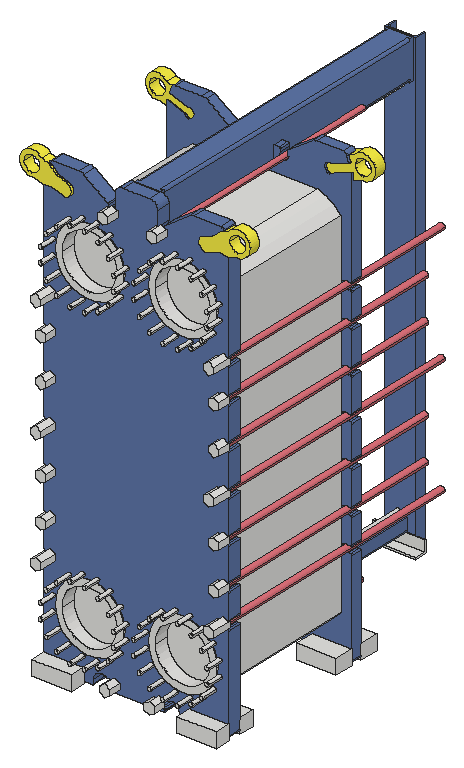
Revit family "HVAC_Heat-Exchanger_Alfa-Laval_Alfa-Laval-T45-FG_ASME_", category Specialty Equipment, Revit 2018
Family settings
  Round Connector Dimension = Use Diameter
  Part Type = Normal
  OmniClass Number = 23.27.23.13
  OmniClass Title = Plate and Frame Heat Exchangers
  Work Plane-Based = Yes
  Always vertical = Yes
  Cut with Voids When Loaded = No
  Shared = No
  Room Calculation Point = No
Parameters (values of type "LC2400")
  zSecond_Heat_Bars = 2110 mm
  zLower_Heat_Bars = 1950 mm
  zInner_Length = 1189 mm
  zFirst_Heat_Bars = 1950 mm
  Width = 1430 mm
  URL = "https://www.alfalaval.com/"
  Product url = "https://www.alfalaval.com/products/heat-transfer/plate-heat-exchangers/gasketed-plate-and-frame-heat-exchangers/industrial-line/"
  Product data url = "https://bimobject.com/alfa-laval/product/t45"
  Product Guid = "d5a667d4-b60e-48d4-90b5-e5fc8b5fa2d6"
  Overall Width = 1782 mm  # constant formula
  Overall Height = 3572 mm  # constant formula
  Model = "T45-FG"  # constant formula
  Max. design temperature (°C/°F) = "250/482"  # constant formula
  Max. design pressure (barg/psig) = "10.3/150"  # constant formula
  Manufacturer = "Alfa Laval"  # constant formula
  Height = 3540 mm
  Heat Transfer Plates Material = "316/316L, 254 Ti"  # constant formula
  Frame and Pressure Plate Material = "Carbon steel, epoxy painted"  # constant formula
  Flow = 0.0 L/s
  Flange Connections Material = "Carbon steel Metal lined: stainless steel Alloy 316, Alloy 254, titanium"  # constant formula
  Field Gaskets Material = "NBR, EPDM"  # constant formula
  Diameter = 450 mm  # constant formula
  Description = "Alfa Laval Industrial line is a wide product range that is used in virtually all types of industry. Designed for high throughput, this model delivers excellent thermal performance. A large selection of plate and gasket types is available."  # constant formula
  Depth = 2779 mm
  Default Elevation = 1219.2 mm
  Connector Description = "ASME B16.5 Class150 NPS 18"  # constant formula
  Center Width (Branch Pipes) = 720 mm  # constant formula
  Center Height (Branch Pipes) = 2468 mm  # constant formula
Reference planes
  plane 1 "Center (Front/Back)": y = 0
  plane 2: z = 0
  plane 3 "Center (Left/Right)": x = 0
  plane 4 "Back Panel": y = 1189
  plane 5: z = 20
  plane 6 "Top": z = 3540
  plane 7 "Main body": y = 105
  plane 8: y = 1269
  plane 9: y = 1950
  plane 10: y = 2110
  plane 11 "Back": y = 2639
  plane 12: y = -140
  plane 13: y = 2549
  plane 14: z = 3240
  plane 15: z = 3572
  plane 16: x = -360
  plane 17: x = 360
  plane 18: x = -891
  plane 19: x = 891
  plane 20: z = 2943.5
  plane 21: z = 475.5
  plane 22: y = 1950
Forms (mm)
  Extrusion 1, solid, material "Alfa Laval - Metal - Blue", detail levels fine
    sketch origin (0, 0, 0) x (1, 0, 0) y (0, 0, 1)
      loop
        arc (-715, 30) -> (-712.071, 22.929) -> (-705, 20) r 10
        line (-705, 20) -> (-577, 20)
        arc (-577, 20) -> (-569.929, 22.929) -> (-567, 30) r 10
        line (-567, 30) -> (-567, 46.875)
        arc (-567, 46.875) -> (-589.837, 79.55) -> (-552, 67) r 21
        line (-552, 67) -> (-552, 30)
        arc (-552, 30) -> (-549.071, 22.929) -> (-542, 20) r 10
        line (-542, 20) -> (-460, 20)
        arc (-460, 20) -> (-452.929, 22.929) -> (-450, 30) r 10
        line (-450, 30) -> (-450, 46.875)
        arc (-450, 46.875) -> (-472.837, 79.55) -> (-435, 67) r 21
        line (-435, 67) -> (-435, 30)
        arc (-435, 30) -> (-432.071, 22.929) -> (-425, 20) r 10
        line (-425, 20) -> (-339.5, 20)
        arc (-339.5, 20) -> (-332.429, 22.929) -> (-329.5, 30) r 10
        line (-329.5, 30) -> (-329.5, 62.5)
        arc (-329.5, 62.5) -> (-295.005, 115.198) -> (-232.908, 104.667) r 57.5
        arc (-232.908, 104.667) -> (-229.76, 102.691) -> (-226.109, 102) r 10
        line (-226.109, 102) -> (-191.831, 102)
        arc (-191.831, 102) -> (-138.5, 75) -> (-191.831, 48) r 33.5
        line (-191.831, 48) -> (-207, 48)
        arc (-207, 48) -> (-214.071, 45.071) -> (-217, 38) r 10
        line (-217, 38) -> (-217, 30)
        arc (-217, 30) -> (-214.071, 22.929) -> (-207, 20) r 10
        line (-207, 20) -> (207, 20)
        arc (207, 20) -> (214.071, 22.929) -> (217, 30) r 10
        line (217, 30) -> (217, 38)
        arc (217, 38) -> (214.071, 45.071) -> (207, 48) r 10
        line (207, 48) -> (191.831, 48)
        arc (191.831, 48) -> (138.5, 75) -> (191.831, 102) r 33.5
        line (191.831, 102) -> (226.109, 102)
        arc (226.109, 102) -> (229.76, 102.691) -> (232.908, 104.667) r 10
        arc (232.908, 104.667) -> (295.005, 115.198) -> (329.5, 62.5) r 57.5
        line (329.5, 62.5) -> (329.5, 30)
        arc (329.5, 30) -> (332.429, 22.929) -> (339.5, 20) r 10
        line (339.5, 20) -> (425, 20)
        arc (425, 20) -> (432.071, 22.929) -> (435, 30) r 10
        line (435, 30) -> (435, 67)
        arc (435, 67) -> (472.837, 79.55) -> (450, 46.875) r 21
        line (450, 46.875) -> (450, 30)
        arc (450, 30) -> (452.929, 22.929) -> (460, 20) r 10
        line (460, 20) -> (542, 20)
        arc (542, 20) -> (549.071, 22.929) -> (552, 30) r 10
        line (552, 30) -> (552, 67)
        arc (552, 67) -> (589.837, 79.55) -> (567, 46.875) r 21
        line (567, 46.875) -> (567, 30)
        arc (567, 30) -> (569.929, 22.929) -> (577, 20) r 10
        line (577, 20) -> (705, 20)
        arc (705, 20) -> (712.071, 22.929) -> (715, 30) r 10
        line (715, 30) -> (715, 759.5)
        arc (715, 759.5) -> (712.071, 766.571) -> (705, 769.5) r 10
        line (705, 769.5) -> (689.831, 769.5)
        arc (689.831, 769.5) -> (636.5, 796.5) -> (689.831, 823.5) r 33.5
        line (689.831, 823.5) -> (705, 823.5)
        arc (705, 823.5) -> (712.071, 826.429) -> (715, 833.5) r 10
        line (715, 833.5) -> (715, 1024.5)
        arc (715, 1024.5) -> (712.071, 1031.571) -> (705, 1034.5) r 10
        line (705, 1034.5) -> (689.831, 1034.5)
        arc (689.831, 1034.5) -> (636.5, 1061.5) -> (689.831, 1088.5) r 33.5
        line (689.831, 1088.5) -> (705, 1088.5)
        arc (705, 1088.5) -> (712.071, 1091.429) -> (715, 1098.5) r 10
        line (715, 1098.5) -> (715, 1348.5)
        arc (715, 1348.5) -> (712.071, 1355.571) -> (705, 1358.5) r 10
        line (705, 1358.5) -> (689.831, 1358.5)
        arc (689.831, 1358.5) -> (636.5, 1385.5) -> (689.831, 1412.5) r 33.5
        line (689.831, 1412.5) -> (705, 1412.5)
        arc (705, 1412.5) -> (712.071, 1415.429) -> (715, 1422.5) r 10
        line (715, 1422.5) -> (715, 1672.5)
        arc (715, 1672.5) -> (712.071, 1679.571) -> (705, 1682.5) r 10
        line (705, 1682.5) -> (689.831, 1682.5)
        arc (689.831, 1682.5) -> (636.5, 1709.5) -> (689.831, 1736.5) r 33.5
        line (689.831, 1736.5) -> (705, 1736.5)
        arc (705, 1736.5) -> (712.071, 1739.429) -> (715, 1746.5) r 10
        line (715, 1746.5) -> (715, 1996.5)
        arc (715, 1996.5) -> (712.071, 2003.571) -> (705, 2006.5) r 10
        line (705, 2006.5) -> (689.831, 2006.5)
        arc (689.831, 2006.5) -> (636.5, 2033.5) -> (689.831, 2060.5) r 33.5
        line (689.831, 2060.5) -> (705, 2060.5)
        arc (705, 2060.5) -> (712.071, 2063.429) -> (715, 2070.5) r 10
        line (715, 2070.5) -> (715, 2320.5)
        arc (715, 2320.5) -> (712.071, 2327.571) -> (705, 2330.5) r 10
        line (705, 2330.5) -> (689.831, 2330.5)
        arc (689.831, 2330.5) -> (636.5, 2357.5) -> (689.831, 2384.5) r 33.5
        line (689.831, 2384.5) -> (705, 2384.5)
        arc (705, 2384.5) -> (712.071, 2387.429) -> (715, 2394.5) r 10
        line (715, 2394.5) -> (715, 2585.5)
        arc (715, 2585.5) -> (712.071, 2592.571) -> (705, 2595.5) r 10
        line (705, 2595.5) -> (689.831, 2595.5)
        arc (689.831, 2595.5) -> (636.5, 2622.5) -> (689.831, 2649.5) r 33.5
        line (689.831, 2649.5) -> (705, 2649.5)
        arc (705, 2649.5) -> (712.071, 2652.429) -> (715, 2659.5) r 10
        line (715, 2659.5) -> (715, 3412.69)
        arc (715, 3412.69) -> (714.147, 3414.328) -> (712.316, 3414.569) r 2
        line (712.316, 3414.569) -> (578.803, 3365.974)
        arc (578.803, 3365.974) -> (508.13, 3373.305) -> (557.557, 3424.348) r 39.5
        line (557.557, 3424.348) -> (691.848, 3473.226)
        arc (691.848, 3473.226) -> (692.977, 3474.26) -> (693.044, 3475.789) r 2
        line (693.044, 3475.789) -> (676.858, 3520.261)
        arc (676.858, 3520.261) -> (665.874, 3534.575) -> (648.667, 3540) r 30
        line (648.667, 3540) -> (444.428, 3540)
        arc (444.428, 3540) -> (426.386, 3537.223) -> (410.013, 3529.149) r 60
        line (410.013, 3529.149) -> (221.264, 3396.985)
        arc (221.264, 3396.985) -> (218.13, 3393.411) -> (217, 3388.794) r 10
        line (217, 3388.794) -> (217, 3363.831)
        arc (217, 3363.831) -> (190, 3310.5) -> (163, 3363.831) r 33.5
        line (163, 3363.831) -> (163, 3480)
        arc (163, 3480) -> (145.426, 3522.426) -> (103, 3540) r 60
        line (103, 3540) -> (-103, 3540)
        arc (-103, 3540) -> (-145.426, 3522.426) -> (-163, 3480) r 60
        line (-163, 3480) -> (-163, 3363.831)
        arc (-163, 3363.831) -> (-190, 3310.5) -> (-217, 3363.831) r 33.5
        line (-217, 3363.831) -> (-217, 3388.794)
        arc (-217, 3388.794) -> (-218.13, 3393.411) -> (-221.264, 3396.985) r 10
        line (-221.264, 3396.985) -> (-410.013, 3529.149)
        arc (-410.013, 3529.149) -> (-426.386, 3537.223) -> (-444.428, 3540) r 60
        line (-444.428, 3540) -> (-648.667, 3540)
        arc (-648.667, 3540) -> (-665.874, 3534.575) -> (-676.858, 3520.261) r 30
        line (-676.858, 3520.261) -> (-693.044, 3475.789)
        arc (-693.044, 3475.789) -> (-692.977, 3474.26) -> (-691.848, 3473.226) r 2
        line (-691.848, 3473.226) -> (-557.557, 3424.348)
        arc (-557.557, 3424.348) -> (-508.13, 3373.305) -> (-578.803, 3365.974) r 39.5
        line (-578.803, 3365.974) -> (-712.316, 3414.569)
        arc (-712.316, 3414.569) -> (-714.147, 3414.328) -> (-715, 3412.69) r 2
        line (-715, 3412.69) -> (-715, 2659.5)
        arc (-715, 2659.5) -> (-712.071, 2652.429) -> (-705, 2649.5) r 10
        line (-705, 2649.5) -> (-689.831, 2649.5)
        arc (-689.831, 2649.5) -> (-636.5, 2622.5) -> (-689.831, 2595.5) r 33.5
        line (-689.831, 2595.5) -> (-705, 2595.5)
        arc (-705, 2595.5) -> (-712.071, 2592.571) -> (-715, 2585.5) r 10
        line (-715, 2585.5) -> (-715, 2394.5)
        arc (-715, 2394.5) -> (-712.071, 2387.429) -> (-705, 2384.5) r 10
        line (-705, 2384.5) -> (-689.831, 2384.5)
        arc (-689.831, 2384.5) -> (-636.5, 2357.5) -> (-689.831, 2330.5) r 33.5
        line (-689.831, 2330.5) -> (-705, 2330.5)
        arc (-705, 2330.5) -> (-712.071, 2327.571) -> (-715, 2320.5) r 10
        line (-715, 2320.5) -> (-715, 2070.5)
        arc (-715, 2070.5) -> (-712.071, 2063.429) -> (-705, 2060.5) r 10
        line (-705, 2060.5) -> (-689.831, 2060.5)
        arc (-689.831, 2060.5) -> (-636.5, 2033.5) -> (-689.831, 2006.5) r 33.5
        line (-689.831, 2006.5) -> (-705, 2006.5)
        arc (-705, 2006.5) -> (-712.071, 2003.571) -> (-715, 1996.5) r 10
        line (-715, 1996.5) -> (-715, 1746.5)
        arc (-715, 1746.5) -> (-712.071, 1739.429) -> (-705, 1736.5) r 10
        line (-705, 1736.5) -> (-689.831, 1736.5)
        arc (-689.831, 1736.5) -> (-636.5, 1709.5) -> (-689.831, 1682.5) r 33.5
        line (-689.831, 1682.5) -> (-705, 1682.5)
        arc (-705, 1682.5) -> (-712.071, 1679.571) -> (-715, 1672.5) r 10
        line (-715, 1672.5) -> (-715, 1422.5)
        arc (-715, 1422.5) -> (-712.071, 1415.429) -> (-705, 1412.5) r 10
        line (-705, 1412.5) -> (-689.831, 1412.5)
        arc (-689.831, 1412.5) -> (-636.5, 1385.5) -> (-689.831, 1358.5) r 33.5
        line (-689.831, 1358.5) -> (-705, 1358.5)
        arc (-705, 1358.5) -> (-712.071, 1355.571) -> (-715, 1348.5) r 10
        line (-715, 1348.5) -> (-715, 1098.5)
        arc (-715, 1098.5) -> (-712.071, 1091.429) -> (-705, 1088.5) r 10
        line (-705, 1088.5) -> (-689.831, 1088.5)
        arc (-689.831, 1088.5) -> (-636.5, 1061.5) -> (-689.831, 1034.5) r 33.5
        line (-689.831, 1034.5) -> (-705, 1034.5)
        arc (-705, 1034.5) -> (-712.071, 1031.571) -> (-715, 1024.5) r 10
        line (-715, 1024.5) -> (-715, 833.5)
        arc (-715, 833.5) -> (-712.071, 826.429) -> (-705, 823.5) r 10
        line (-705, 823.5) -> (-689.831, 823.5)
        arc (-689.831, 823.5) -> (-636.5, 796.5) -> (-689.831, 769.5) r 33.5
        line (-689.831, 769.5) -> (-705, 769.5)
        arc (-705, 769.5) -> (-712.071, 766.571) -> (-715, 759.5) r 10
        line (-715, 759.5) -> (-715, 30)
      loop
        circle (-360, 475.5) r 215
      loop
        circle (-360, 2943.5) r 215
      loop
        circle (360, 475.5) r 215
      loop
        circle (360, 2943.5) r 215
    from -105 to 0
  Extrusion 2, solid, material "Alfa Laval - Metal - Blue", detail levels fine
    sketch origin (0, 1189, 0) x (-1, 0, 0) y (0, 0, 1)
      loop
        line (715, 2659.5) -> (715, 3412.69)
        arc (715, 3412.69) -> (714.147, 3414.328) -> (712.316, 3414.569) r 2
        line (712.316, 3414.569) -> (578.803, 3365.974)
        arc (578.803, 3365.974) -> (508.13, 3373.305) -> (557.557, 3424.348) r 39.5
        line (557.557, 3424.348) -> (691.848, 3473.226)
        arc (691.848, 3473.226) -> (692.977, 3474.26) -> (693.044, 3475.789) r 2
        line (693.044, 3475.789) -> (676.858, 3520.261)
        arc (676.858, 3520.261) -> (665.874, 3534.575) -> (648.667, 3540) r 30
        line (648.667, 3540) -> (444.428, 3540)
        arc (444.428, 3540) -> (426.386, 3537.223) -> (410.013, 3529.149) r 60
        line (410.013, 3529.149) -> (221.264, 3396.985)
        arc (221.264, 3396.985) -> (218.13, 3393.411) -> (217, 3388.794) r 10
        line (217, 3388.794) -> (217, 3363.831)
        arc (217, 3363.831) -> (190, 3310.5) -> (163, 3363.831) r 33.5
        line (163, 3363.831) -> (163, 3384)
        arc (163, 3384) -> (160.071, 3391.071) -> (153, 3394) r 10
        line (153, 3394) -> (117.5, 3394)
        arc (117.5, 3394) -> (110.429, 3391.071) -> (107.5, 3384) r 10
        line (107.5, 3384) -> (107.5, 3242.5)
        arc (107.5, 3242.5) -> (104.571, 3235.429) -> (97.5, 3232.5) r 10
        line (97.5, 3232.5) -> (52.5, 3232.5)
        arc (52.5, 3232.5) -> (50.379, 3231.621) -> (49.5, 3229.5) r 3
        line (49.5, 3229.5) -> (49.5, 3214.5) -> (61.482, 3214.5) -> (61.482, 3196.549) -> (62.46, 3181.857)
        arc (62.46, 3181.857) -> (61.015, 3175.978) -> (56.443, 3172.01) r 10
        line (56.443, 3172.01) -> (36.377, 3163.006)
        arc (36.377, 3163.006) -> (28.374, 3160.386) -> (20, 3159.5) r 40
        line (20, 3159.5) -> (-20, 3159.5)
        arc (-20, 3159.5) -> (-28.374, 3160.386) -> (-36.377, 3163.006) r 40
        line (-36.377, 3163.006) -> (-56.443, 3172.01)
        arc (-56.443, 3172.01) -> (-61.015, 3175.978) -> (-62.46, 3181.857) r 10
        line (-62.46, 3181.857) -> (-61.482, 3196.549) -> (-61.482, 3214.5) -> (-49.5, 3214.5) -> (-49.5, 3229.5)
        arc (-49.5, 3229.5) -> (-50.379, 3231.621) -> (-52.5, 3232.5) r 3
        line (-52.5, 3232.5) -> (-97.5, 3232.5)
        arc (-97.5, 3232.5) -> (-104.571, 3235.429) -> (-107.5, 3242.5) r 10
        line (-107.5, 3242.5) -> (-107.5, 3384)
        arc (-107.5, 3384) -> (-110.429, 3391.071) -> (-117.5, 3394) r 10
        line (-117.5, 3394) -> (-153, 3394)
        arc (-153, 3394) -> (-160.071, 3391.071) -> (-163, 3384) r 10
        line (-163, 3384) -> (-163, 3363.831)
        arc (-163, 3363.831) -> (-190, 3310.5) -> (-217, 3363.831) r 33.5
        line (-217, 3363.831) -> (-217, 3388.794)
        arc (-217, 3388.794) -> (-218.13, 3393.411) -> (-221.264, 3396.985) r 10
        line (-221.264, 3396.985) -> (-410.013, 3529.149)
        arc (-410.013, 3529.149) -> (-426.386, 3537.223) -> (-444.428, 3540) r 60
        line (-444.428, 3540) -> (-648.667, 3540)
        arc (-648.667, 3540) -> (-665.874, 3534.575) -> (-676.858, 3520.261) r 30
        line (-676.858, 3520.261) -> (-693.044, 3475.789)
        arc (-693.044, 3475.789) -> (-692.977, 3474.26) -> (-691.848, 3473.226) r 2
        line (-691.848, 3473.226) -> (-557.557, 3424.348)
        arc (-557.557, 3424.348) -> (-508.13, 3373.305) -> (-578.803, 3365.974) r 39.5
        line (-578.803, 3365.974) -> (-712.316, 3414.569)
        arc (-712.316, 3414.569) -> (-714.147, 3414.328) -> (-715, 3412.69) r 2
        line (-715, 3412.69) -> (-715, 2659.5)
        arc (-715, 2659.5) -> (-712.071, 2652.429) -> (-705, 2649.5) r 10
        line (-705, 2649.5) -> (-689.831, 2649.5)
        arc (-689.831, 2649.5) -> (-636.5, 2622.5) -> (-689.831, 2595.5) r 33.5
        line (-689.831, 2595.5) -> (-705, 2595.5)
        arc (-705, 2595.5) -> (-712.071, 2592.571) -> (-715, 2585.5) r 10
        line (-715, 2585.5) -> (-715, 2394.5)
        arc (-715, 2394.5) -> (-712.071, 2387.429) -> (-705, 2384.5) r 10
        line (-705, 2384.5) -> (-689.831, 2384.5)
        arc (-689.831, 2384.5) -> (-636.5, 2357.5) -> (-689.831, 2330.5) r 33.5
        line (-689.831, 2330.5) -> (-705, 2330.5)
        arc (-705, 2330.5) -> (-712.071, 2327.571) -> (-715, 2320.5) r 10
        line (-715, 2320.5) -> (-715, 2070.5)
        arc (-715, 2070.5) -> (-712.071, 2063.429) -> (-705, 2060.5) r 10
        line (-705, 2060.5) -> (-689.831, 2060.5)
        arc (-689.831, 2060.5) -> (-636.5, 2033.5) -> (-689.831, 2006.5) r 33.5
        line (-689.831, 2006.5) -> (-705, 2006.5)
        arc (-705, 2006.5) -> (-712.071, 2003.571) -> (-715, 1996.5) r 10
        line (-715, 1996.5) -> (-715, 1746.5)
        arc (-715, 1746.5) -> (-712.071, 1739.429) -> (-705, 1736.5) r 10
        line (-705, 1736.5) -> (-689.831, 1736.5)
        arc (-689.831, 1736.5) -> (-636.5, 1709.5) -> (-689.831, 1682.5) r 33.5
        line (-689.831, 1682.5) -> (-705, 1682.5)
        arc (-705, 1682.5) -> (-712.071, 1679.571) -> (-715, 1672.5) r 10
        line (-715, 1672.5) -> (-715, 1422.5)
        arc (-715, 1422.5) -> (-712.071, 1415.429) -> (-705, 1412.5) r 10
        line (-705, 1412.5) -> (-689.831, 1412.5)
        arc (-689.831, 1412.5) -> (-636.5, 1385.5) -> (-689.831, 1358.5) r 33.5
        line (-689.831, 1358.5) -> (-705, 1358.5)
        arc (-705, 1358.5) -> (-712.071, 1355.571) -> (-715, 1348.5) r 10
        line (-715, 1348.5) -> (-715, 1098.5)
        arc (-715, 1098.5) -> (-712.071, 1091.429) -> (-705, 1088.5) r 10
        line (-705, 1088.5) -> (-689.831, 1088.5)
        arc (-689.831, 1088.5) -> (-636.5, 1061.5) -> (-689.831, 1034.5) r 33.5
        line (-689.831, 1034.5) -> (-705, 1034.5)
        arc (-705, 1034.5) -> (-712.071, 1031.571) -> (-715, 1024.5) r 10
        line (-715, 1024.5) -> (-715, 833.5)
        arc (-715, 833.5) -> (-712.071, 826.429) -> (-705, 823.5) r 10
        line (-705, 823.5) -> (-689.831, 823.5)
        arc (-689.831, 823.5) -> (-636.5, 796.5) -> (-689.831, 769.5) r 33.5
        line (-689.831, 769.5) -> (-705, 769.5)
        arc (-705, 769.5) -> (-712.071, 766.571) -> (-715, 759.5) r 10
        line (-715, 759.5) -> (-715, 30)
        arc (-715, 30) -> (-712.071, 22.929) -> (-705, 20) r 10
        line (-705, 20) -> (-577, 20)
        arc (-577, 20) -> (-569.929, 22.929) -> (-567, 30) r 10
        line (-567, 30) -> (-567, 46.875)
        arc (-567, 46.875) -> (-589.837, 79.55) -> (-552, 67) r 21
        line (-552, 67) -> (-552, 30)
        arc (-552, 30) -> (-549.071, 22.929) -> (-542, 20) r 10
        line (-542, 20) -> (-460, 20)
        arc (-460, 20) -> (-452.929, 22.929) -> (-450, 30) r 10
        line (-450, 30) -> (-450, 46.875)
        arc (-450, 46.875) -> (-472.837, 79.55) -> (-435, 67) r 21
        line (-435, 67) -> (-435, 30)
        arc (-435, 30) -> (-432.071, 22.929) -> (-425, 20) r 10
        line (-425, 20) -> (-339.5, 20)
        arc (-339.5, 20) -> (-332.429, 22.929) -> (-329.5, 30) r 10
        line (-329.5, 30) -> (-329.5, 62.5)
        arc (-329.5, 62.5) -> (-295.005, 115.198) -> (-232.908, 104.667) r 57.5
        arc (-232.908, 104.667) -> (-229.76, 102.691) -> (-226.109, 102) r 10
        line (-226.109, 102) -> (-191.831, 102)
        arc (-191.831, 102) -> (-138.5, 75) -> (-191.831, 48) r 33.5
        line (-191.831, 48) -> (-207, 48)
        arc (-207, 48) -> (-214.071, 45.071) -> (-217, 38) r 10
        line (-217, 38) -> (-217, 30)
        arc (-217, 30) -> (-214.071, 22.929) -> (-207, 20) r 10
        line (-207, 20) -> (-122.5, 20)
        arc (-122.5, 20) -> (-80.074, 37.574) -> (-62.5, 80) r 60
        line (-62.5, 80) -> (-62.5, 198)
        arc (-62.5, 198) -> (-59.571, 205.071) -> (-52.5, 208) r 10
        line (-52.5, 208) -> (-32.5, 208)
        arc (-32.5, 208) -> (-25.429, 210.929) -> (-22.5, 218) r 10
        line (-22.5, 218) -> (-22.5, 236) -> (-29.774, 236)
        arc (-29.774, 236) -> (-25.166, 252.038) -> (-10, 259) r 20
        line (-10, 259) -> (10, 259)
        arc (10, 259) -> (25.166, 252.038) -> (29.774, 236) r 20
        line (29.774, 236) -> (22.5, 236) -> (22.5, 218)
        arc (22.5, 218) -> (25.429, 210.929) -> (32.5, 208) r 10
        line (32.5, 208) -> (52.5, 208)
        arc (52.5, 208) -> (59.571, 205.071) -> (62.5, 198) r 10
        line (62.5, 198) -> (62.5, 80)
        arc (62.5, 80) -> (80.074, 37.574) -> (122.5, 20) r 60
        line (122.5, 20) -> (207, 20)
        arc (207, 20) -> (214.071, 22.929) -> (217, 30) r 10
        line (217, 30) -> (217, 38)
        arc (217, 38) -> (214.071, 45.071) -> (207, 48) r 10
        line (207, 48) -> (191.831, 48)
        arc (191.831, 48) -> (138.5, 75) -> (191.831, 102) r 33.5
        line (191.831, 102) -> (226.109, 102)
        arc (226.109, 102) -> (229.76, 102.691) -> (232.908, 104.667) r 10
        arc (232.908, 104.667) -> (295.005, 115.198) -> (329.5, 62.5) r 57.5
        line (329.5, 62.5) -> (329.5, 30)
        arc (329.5, 30) -> (332.429, 22.929) -> (339.5, 20) r 10
        line (339.5, 20) -> (425, 20)
        arc (425, 20) -> (432.071, 22.929) -> (435, 30) r 10
        line (435, 30) -> (435, 67)
        arc (435, 67) -> (472.837, 79.55) -> (450, 46.875) r 21
        line (450, 46.875) -> (450, 30)
        arc (450, 30) -> (452.929, 22.929) -> (460, 20) r 10
        line (460, 20) -> (542, 20)
        arc (542, 20) -> (549.071, 22.929) -> (552, 30) r 10
        line (552, 30) -> (552, 67)
        arc (552, 67) -> (589.837, 79.55) -> (567, 46.875) r 21
        line (567, 46.875) -> (567, 30)
        arc (567, 30) -> (569.929, 22.929) -> (577, 20) r 10
        line (577, 20) -> (705, 20)
        arc (705, 20) -> (712.071, 22.929) -> (715, 30) r 10
        line (715, 30) -> (715, 759.5)
        arc (715, 759.5) -> (712.071, 766.571) -> (705, 769.5) r 10
        line (705, 769.5) -> (689.831, 769.5)
        arc (689.831, 769.5) -> (636.5, 796.5) -> (689.831, 823.5) r 33.5
        line (689.831, 823.5) -> (705, 823.5)
        arc (705, 823.5) -> (712.071, 826.429) -> (715, 833.5) r 10
        line (715, 833.5) -> (715, 1024.5)
        arc (715, 1024.5) -> (712.071, 1031.571) -> (705, 1034.5) r 10
        line (705, 1034.5) -> (689.831, 1034.5)
        arc (689.831, 1034.5) -> (636.5, 1061.5) -> (689.831, 1088.5) r 33.5
        line (689.831, 1088.5) -> (705, 1088.5)
        arc (705, 1088.5) -> (712.071, 1091.429) -> (715, 1098.5) r 10
        line (715, 1098.5) -> (715, 1348.5)
        arc (715, 1348.5) -> (712.071, 1355.571) -> (705, 1358.5) r 10
        line (705, 1358.5) -> (689.831, 1358.5)
        arc (689.831, 1358.5) -> (636.5, 1385.5) -> (689.831, 1412.5) r 33.5
        line (689.831, 1412.5) -> (705, 1412.5)
        arc (705, 1412.5) -> (712.071, 1415.429) -> (715, 1422.5) r 10
        line (715, 1422.5) -> (715, 1672.5)
        arc (715, 1672.5) -> (712.071, 1679.571) -> (705, 1682.5) r 10
        line (705, 1682.5) -> (689.831, 1682.5)
        arc (689.831, 1682.5) -> (636.5, 1709.5) -> (689.831, 1736.5) r 33.5
        line (689.831, 1736.5) -> (705, 1736.5)
        arc (705, 1736.5) -> (712.071, 1739.429) -> (715, 1746.5) r 10
        line (715, 1746.5) -> (715, 1996.5)
        arc (715, 1996.5) -> (712.071, 2003.571) -> (705, 2006.5) r 10
        line (705, 2006.5) -> (689.831, 2006.5)
        arc (689.831, 2006.5) -> (636.5, 2033.5) -> (689.831, 2060.5) r 33.5
        line (689.831, 2060.5) -> (705, 2060.5)
        arc (705, 2060.5) -> (712.071, 2063.429) -> (715, 2070.5) r 10
        line (715, 2070.5) -> (715, 2320.5)
        arc (715, 2320.5) -> (712.071, 2327.571) -> (705, 2330.5) r 10
        line (705, 2330.5) -> (689.831, 2330.5)
        arc (689.831, 2330.5) -> (636.5, 2357.5) -> (689.831, 2384.5) r 33.5
        line (689.831, 2384.5) -> (705, 2384.5)
        arc (705, 2384.5) -> (712.071, 2387.429) -> (715, 2394.5) r 10
        line (715, 2394.5) -> (715, 2585.5)
        arc (715, 2585.5) -> (712.071, 2592.571) -> (705, 2595.5) r 10
        line (705, 2595.5) -> (689.831, 2595.5)
        arc (689.831, 2595.5) -> (636.5, 2622.5) -> (689.831, 2649.5) r 33.5
        line (689.831, 2649.5) -> (705, 2649.5)
        arc (705, 2649.5) -> (712.071, 2652.429) -> (715, 2659.5) r 10
    from 80 to 0
  Extrusion 3, solid, material "Alfa Laval - Metal - Blue", detail levels medium
    sketch origin (0, 1189, 0) x (-1, 0, 0) y (0, 0, 1)
      loop
        line (715, 20) -> (715, 3540) -> (-715, 3540) -> (-715, 20) -> (715, 20)
    from 80 to 0
  Extrusion 4, solid, material "Alfa Laval - Metal - Blue", detail levels medium
    sketch origin (0, 0, 0) x (1, 0, 0) y (0, 0, 1)
      loop
        line (715, 3540) -> (-715, 3540) -> (-715, 20) -> (715, 20) -> (715, 3540)
      loop
        circle (-360, 2943.5) r 274.663
      loop
        circle (360, 2943.5) r 274.663
      loop
        circle (360, 475.5) r 274.663
      loop
        circle (-360, 475.5) r 274.663
    from -105 to 0
  Extrusion 5, solid, material "Alfa Laval - Metal - Stainless Steel", detail levels medium+fine
    sketch origin (0, 0, 0) x (1, 0, 0) y (0, 1, 0)
      loop
        line (-409, 225) -> (-715, 225) -> (-715, 105) -> (-409, 105) -> (-409, 225)
      loop
        line (-409, 0) -> (-715, 0) -> (-715, -120) -> (-409, -120) -> (-409, 0)
      loop
        line (409, 105) -> (715, 105) -> (715, 225) -> (409, 225) -> (409, 105)
      loop
        line (409, 0) -> (409, -120) -> (715, -120) -> (715, 0) -> (409, 0)
      loop
        line (-715, 1189) -> (-715, 1035) -> (-409, 1035) -> (-409, 1189) -> (-715, 1189)
      loop
        line (-715, 1423) -> (-715, 1269) -> (-409, 1269) -> (-409, 1423) -> (-715, 1423)
      loop
        line (715, 1189) -> (409, 1189) -> (409, 1035) -> (715, 1035) -> (715, 1189)
      loop
        line (715, 1423) -> (409, 1423) -> (409, 1269) -> (715, 1269) -> (715, 1423)
    from 0 to 114
  Extrusion 6, solid, material "Alfa Laval - Metal - Stainless Steel", detail levels fine
    sketch origin (0, 0, 0) x (1, 0, 0) y (0, 0, 1)
      loop
        circle (-303.629, 3226.898) r 14.288
      loop
        circle (-199.468, 3183.753) r 14.288
      loop
        circle (-119.747, 3104.032) r 14.288
      loop
        circle (-76.602, 2999.871) r 14.288
      loop
        circle (-76.602, 2887.129) r 14.288
      loop
        circle (-119.747, 2782.968) r 14.288
      loop
        circle (-199.468, 2703.247) r 14.288
      loop
        circle (-303.629, 2660.102) r 14.288
      loop
        circle (-416.371, 2660.102) r 14.288
      loop
        circle (-520.532, 2703.247) r 14.288
      loop
        circle (-600.253, 2782.968) r 14.288
      loop
        circle (-643.398, 2887.129) r 14.288
      loop
        circle (-643.398, 2999.871) r 14.288
      loop
        circle (-600.253, 3104.032) r 14.288
      loop
        circle (-520.532, 3183.753) r 14.288
      loop
        circle (-416.371, 3226.898) r 14.288
      loop
        circle (303.629, 3226.898) r 14.288
      loop
        circle (199.468, 3183.753) r 14.288
      loop
        circle (119.747, 3104.032) r 14.288
      loop
        circle (76.602, 2999.871) r 14.288
      loop
        circle (76.602, 2887.129) r 14.288
      loop
        circle (119.747, 2782.968) r 14.288
      loop
        circle (199.468, 2703.247) r 14.288
      loop
        circle (303.629, 2660.102) r 14.288
      loop
        circle (416.371, 2660.102) r 14.288
      loop
        circle (520.532, 2703.247) r 14.288
      loop
        circle (600.253, 2782.968) r 14.288
      loop
        circle (643.398, 2887.129) r 14.288
      loop
        circle (643.398, 2999.871) r 14.288
      loop
        circle (600.253, 3104.032) r 14.288
      loop
        circle (520.532, 3183.753) r 14.288
      loop
        circle (416.371, 3226.898) r 14.288
      loop
        circle (-303.629, 758.898) r 14.288
      loop
        circle (-199.468, 715.753) r 14.288
      loop
        circle (-119.747, 636.032) r 14.288
      loop
        circle (-76.602, 531.871) r 14.288
      loop
        circle (-76.602, 419.129) r 14.288
      loop
        circle (-119.747, 314.968) r 14.288
      loop
        circle (-199.468, 235.247) r 14.288
      loop
        circle (-303.629, 192.102) r 14.288
      loop
        circle (-416.371, 192.102) r 14.288
      loop
        circle (-520.532, 235.247) r 14.288
      loop
        circle (-600.253, 314.968) r 14.288
      loop
        circle (-643.398, 419.129) r 14.288
      loop
        circle (-643.398, 531.871) r 14.288
      loop
        circle (-600.253, 636.032) r 14.288
      loop
        circle (-520.532, 715.753) r 14.288
      loop
        circle (-416.371, 758.898) r 14.288
      loop
        circle (303.629, 758.898) r 14.288
      loop
        circle (199.468, 715.753) r 14.288
      loop
        circle (119.747, 636.032) r 14.288
      loop
        circle (76.602, 531.871) r 14.288
      loop
        circle (76.602, 419.129) r 14.288
      loop
        circle (119.747, 314.968) r 14.288
      loop
        circle (199.468, 235.247) r 14.288
      loop
        circle (303.629, 192.102) r 14.288
      loop
        circle (416.371, 192.102) r 14.288
      loop
        circle (520.532, 235.247) r 14.288
      loop
        circle (600.253, 314.968) r 14.288
      loop
        circle (643.398, 419.129) r 14.288
      loop
        circle (643.398, 531.871) r 14.288
      loop
        circle (600.253, 636.032) r 14.288
      loop
        circle (520.532, 715.753) r 14.288
      loop
        circle (416.371, 758.898) r 14.288
    from 0 to 126
  Extrusion 7, solid, material "Alfa Laval - Metal - Stainless Steel", detail levels medium
    sketch origin (0, 0, 0) x (1, 0, 0) y (0, 0, 1)
      loop
        circle (-360, 2943.5) r 303.238
      loop
        circle (-360, 2943.5) r 274.663
      loop
        circle (360, 2943.5) r 303.238
      loop
        circle (360, 2943.5) r 274.663
      loop
        circle (-360, 475.5) r 303.238
      loop
        circle (-360, 475.5) r 274.663
      loop
        circle (360, 475.5) r 303.238
      loop
        circle (360, 475.5) r 274.663
    from 0 to 126
  Extrusion 8, solid, material "Alfa Laval - Metal - Stainless Steel", detail levels coarse
    sketch origin (0, 0, 0) x (1, 0, 0) y (0, 0, 1)
      loop
        line (-56.762, 3246.737) -> (-663.237, 3246.737) -> (-663.237, 2640.262) -> (-56.762, 2640.262) -> (-56.762, 3246.737)
      loop
        line (663.237, 3246.737) -> (56.762, 3246.737) -> (56.762, 2640.262) -> (663.237, 2640.262) -> (663.237, 3246.737)
      loop
        line (-56.762, 778.737) -> (-663.237, 778.737) -> (-663.238, 172.262) -> (-56.762, 172.262) -> (-56.762, 778.737)
      loop
        line (663.237, 778.737) -> (56.762, 778.737) -> (56.762, 172.262) -> (663.237, 172.262) -> (663.237, 778.737)
      loop
        line (-85.362, 750.137) -> (-634.637, 750.137) -> (-634.638, 200.862) -> (-85.362, 200.862) -> (-85.362, 750.137)
      loop
        line (85.362, 200.862) -> (634.637, 200.862) -> (634.637, 750.137) -> (85.362, 750.137) -> (85.362, 200.862)
      loop
        line (-634.637, 2668.862) -> (-85.362, 2668.862) -> (-85.362, 3218.137) -> (-634.637, 3218.137) -> (-634.637, 2668.862)
      loop
        line (85.362, 2668.862) -> (634.637, 2668.862) -> (634.637, 3218.137) -> (85.362, 3218.137) -> (85.362, 2668.862)
    from 0 to 126
  Extrusion 9, solid, material "Alfa Laval - Metal - Stainless Steel", detail levels fine
    sketch origin (0, 105, 0) x (1, 0, 0) y (0, 0, 1)
      loop
        arc (447.836, 209.5) -> (546.043, 257.137) -> (625, 332.499) r 352.974
        line (625, 332.499) -> (625, 3086.501)
        arc (625, 3086.501) -> (546.043, 3161.863) -> (447.836, 3209.5) r 352.974
        line (447.836, 3209.5) -> (-447.836, 3209.5)
        arc (-447.836, 3209.5) -> (-546.043, 3161.863) -> (-625, 3086.501) r 352.974
        line (-625, 3086.501) -> (-625, 332.499)
        arc (-625, 332.499) -> (-546.043, 257.137) -> (-447.836, 209.5) r 352.974
        line (-447.836, 209.5) -> (447.836, 209.5)
    from 0 to -1084
  Extrusion 10, solid, material "Alfa Laval - Metal - Stainless Steel", detail levels medium
    sketch origin (0, 105, 0) x (1, 0, 0) y (0, 0, 1)
      loop
        line (625, 3209.5) -> (-625, 3209.5) -> (-625, 209.5) -> (625, 209.5) -> (625, 3209.5)
    from 0 to -1084
  Extrusion 11, solid, material "Alfa Laval - Metal - Red", detail levels fine
    sketch origin (0, 0, 0) x (1, 0, 0) y (0, 0, 1)
      loop
        circle (-190, 3344) r 19.5
      loop
        circle (-670, 2357.5) r 24
      loop
        circle (-670, 2033.5) r 24
      loop
        circle (-670, 1385.5) r 24
      loop
        circle (-670, 1061.5) r 24
      loop
        circle (190, 3344) r 19.5
      loop
        circle (670, 2357.5) r 24
      loop
        circle (670, 2033.5) r 24
      loop
        circle (670, 1385.5) r 24
      loop
        circle (670, 1061.5) r 24
    from 0 to -1950
  Extrusion 12, solid, material "Alfa Laval - Metal - Red", detail levels medium
    sketch origin (0, 0, 0) x (1, 0, 0) y (0, 0, 1)
      loop
        line (-694, 1361.5) -> (-646, 1361.5) -> (-646, 1409.5) -> (-694, 1409.5) -> (-694, 1361.5)
      loop
        line (-694, 1037.5) -> (-646, 1037.5) -> (-646, 1085.5) -> (-694, 1085.5) -> (-694, 1037.5)
      loop
        line (-694, 2009.5) -> (-646, 2009.5) -> (-646, 2057.5) -> (-694, 2057.5) -> (-694, 2009.5)
      loop
        line (-694, 2333.5) -> (-646, 2333.5) -> (-646, 2381.5) -> (-694, 2381.5) -> (-694, 2333.5)
      loop
        line (646, 2333.5) -> (694, 2333.5) -> (694, 2381.5) -> (646, 2381.5) -> (646, 2333.5)
      loop
        line (646, 2009.5) -> (694, 2009.5) -> (694, 2057.5) -> (646, 2057.5) -> (646, 2009.5)
      loop
        line (646, 1361.5) -> (694, 1361.5) -> (694, 1409.5) -> (646, 1409.5) -> (646, 1361.5)
      loop
        line (646, 1037.5) -> (694, 1037.5) -> (694, 1085.5) -> (646, 1085.5) -> (646, 1037.5)
      loop
        line (209.5, 3363.5) -> (170.5, 3363.5) -> (170.5, 3324.5) -> (209.5, 3324.5) -> (209.5, 3363.5)
      loop
        line (-170.5, 3363.5) -> (-209.5, 3363.5) -> (-209.5, 3324.5) -> (-170.5, 3324.5) -> (-170.5, 3363.5)
    from 0 to -1950
  Extrusion 13, solid, material "Alfa Laval - Metal - Red", detail levels fine
    sketch origin (0, 0, 0) x (1, 0, 0) y (0, 0, 1)
      loop
        circle (-670, 796.5) r 24
      loop
        circle (-670, 1709.5) r 24
      loop
        circle (-670, 2622.5) r 24
      loop
        circle (670, 796.5) r 24
      loop
        circle (670, 1709.5) r 24
      loop
        circle (670, 2622.5) r 24
    from 0 to -2110
  Extrusion 14, solid, material "Alfa Laval - Metal - Red", detail levels medium
    sketch origin (0, 0, 0) x (1, 0, 0) y (0, 0, 1)
      loop
        line (-694, 2646.5) -> (-694, 2598.5) -> (-646, 2598.5) -> (-646, 2646.5) -> (-694, 2646.5)
      loop
        line (-694, 1733.5) -> (-694, 1685.5) -> (-646, 1685.5) -> (-646, 1733.5) -> (-694, 1733.5)
      loop
        line (-694, 820.5) -> (-694, 772.5) -> (-646, 772.5) -> (-646, 820.5) -> (-694, 820.5)
      loop
        line (694, 2646.5) -> (646, 2646.5) -> (646, 2598.5) -> (694, 2598.5) -> (694, 2646.5)
      loop
        line (694, 1733.5) -> (646, 1733.5) -> (646, 1685.5) -> (694, 1685.5) -> (694, 1733.5)
      loop
        line (694, 820.5) -> (646, 820.5) -> (646, 772.5) -> (694, 772.5) -> (694, 820.5)
    from 0 to -2110
  Extrusion 15, solid, material "Alfa Laval - Metal - Stainless Steel", detail levels fine
    sketch origin (0, 0, 0) x (1, 0, 0) y (0, 0, 1)
      loop
        line (-230, 3320.906) -> (-190, 3297.812) -> (-150, 3320.906) -> (-150, 3367.094) -> (-190, 3390.188) -> (-230, 3367.094) -> (-230, 3320.906)
      loop
        line (-710, 2334.406) -> (-670, 2311.312) -> (-630, 2334.406) -> (-630, 2380.594) -> (-670, 2403.688) -> (-710, 2380.594) -> (-710, 2334.406)
      loop
        line (-710, 2010.406) -> (-670, 1987.312) -> (-630, 2010.406) -> (-630, 2056.594) -> (-670, 2079.688) -> (-710, 2056.594) -> (-710, 2010.406)
      loop
        line (-710, 1362.406) -> (-670, 1339.312) -> (-630, 1362.406) -> (-630, 1408.594) -> (-670, 1431.688) -> (-710, 1408.594) -> (-710, 1362.406)
      loop
        line (-710, 1038.406) -> (-670, 1015.312) -> (-630, 1038.406) -> (-630, 1084.594) -> (-670, 1107.688) -> (-710, 1084.594) -> (-710, 1038.406)
      loop
        line (-212, 51.906) -> (-172, 28.812) -> (-132, 51.906) -> (-132, 98.094) -> (-172, 121.188) -> (-212, 98.094) -> (-212, 51.906)
      loop
        line (230, 3320.906) -> (230, 3367.094) -> (190, 3390.188) -> (150, 3367.094) -> (150, 3320.906) -> (190, 3297.812) -> (230, 3320.906)
      loop
        line (710, 2334.406) -> (710, 2380.594) -> (670, 2403.688) -> (630, 2380.594) -> (630, 2334.406) -> (670, 2311.312) -> (710, 2334.406)
      loop
        line (710, 2010.406) -> (710, 2056.594) -> (670, 2079.688) -> (630, 2056.594) -> (630, 2010.406) -> (670, 1987.312) -> (710, 2010.406)
      loop
        line (710, 1362.406) -> (710, 1408.594) -> (670, 1431.688) -> (630, 1408.594) -> (630, 1362.406) -> (670, 1339.312) -> (710, 1362.406)
      loop
        line (710, 1038.406) -> (710, 1084.594) -> (670, 1107.688) -> (630, 1084.594) -> (630, 1038.406) -> (670, 1015.312) -> (710, 1038.406)
      loop
        line (212, 51.906) -> (212, 98.094) -> (172, 121.188) -> (132, 98.094) -> (132, 51.906) -> (172, 28.812) -> (212, 51.906)
    from 92.5 to 0
  Extrusion 16, solid, material "Alfa Laval - Metal - Stainless Steel", detail levels medium
    sketch origin (0, 0, 0) x (1, 0, 0) y (0, 0, 1)
      loop
        line (-230, 3390.188) -> (-230, 3297.812) -> (-150, 3297.812) -> (-150, 3390.188) -> (-230, 3390.188)
      loop
        line (-710, 2403.688) -> (-710, 2311.312) -> (-630, 2311.312) -> (-630, 2403.688) -> (-710, 2403.688)
      loop
        line (-710, 2079.688) -> (-710, 1987.312) -> (-630, 1987.312) -> (-630, 2079.688) -> (-710, 2079.688)
      loop
        line (-710, 1431.688) -> (-710, 1339.312) -> (-630, 1339.312) -> (-630, 1431.688) -> (-710, 1431.688)
      loop
        line (-710, 1107.688) -> (-710, 1015.312) -> (-630, 1015.312) -> (-630, 1107.688) -> (-710, 1107.688)
      loop
        line (-212, 121.188) -> (-212, 28.812) -> (-132, 28.812) -> (-132, 121.188) -> (-212, 121.188)
      loop
        line (230, 3390.188) -> (150, 3390.188) -> (150, 3297.812) -> (230, 3297.812) -> (230, 3390.188)
      loop
        line (710, 2403.688) -> (630, 2403.688) -> (630, 2311.312) -> (710, 2311.312) -> (710, 2403.688)
      loop
        line (710, 2079.688) -> (630, 2079.688) -> (630, 1987.312) -> (710, 1987.312) -> (710, 2079.688)
      loop
        line (710, 1431.688) -> (630, 1431.688) -> (630, 1339.312) -> (710, 1339.312) -> (710, 1431.688)
      loop
        line (710, 1107.688) -> (630, 1107.688) -> (630, 1015.312) -> (710, 1015.312) -> (710, 1107.688)
      loop
        line (212, 121.188) -> (132, 121.188) -> (132, 28.812) -> (212, 28.812) -> (212, 121.188)
    from 92.5 to 0
  Extrusion 17, solid, material "Alfa Laval - Metal - Stainless Steel", detail levels fine
    sketch origin (0, 0, 0) x (1, 0, 0) y (0, 0, 1)
      loop
        line (-710, 1686.406) -> (-670, 1663.312) -> (-630, 1686.406) -> (-630, 1732.594) -> (-670, 1755.688) -> (-710, 1732.594) -> (-710, 1686.406)
      loop
        line (-710, 2599.406) -> (-670, 2576.312) -> (-630, 2599.406) -> (-630, 2645.594) -> (-670, 2668.688) -> (-710, 2645.594) -> (-710, 2599.406)
      loop
        line (-710, 773.406) -> (-670, 750.312) -> (-630, 773.406) -> (-630, 819.594) -> (-670, 842.688) -> (-710, 819.594) -> (-710, 773.406)
      loop
        line (710, 1686.406) -> (710, 1732.594) -> (670, 1755.688) -> (630, 1732.594) -> (630, 1686.406) -> (670, 1663.312) -> (710, 1686.406)
      loop
        line (710, 2599.406) -> (710, 2645.594) -> (670, 2668.688) -> (630, 2645.594) -> (630, 2599.406) -> (670, 2576.312) -> (710, 2599.406)
      loop
        line (710, 773.406) -> (710, 819.594) -> (670, 842.688) -> (630, 819.594) -> (630, 773.406) -> (670, 750.312) -> (710, 773.406)
    from 140 to -10
  Extrusion 18, solid, material "Alfa Laval - Metal - Stainless Steel", detail levels medium
    sketch origin (0, 0, 0) x (1, 0, 0) y (0, 0, 1)
      loop
        line (-630, 750.312) -> (-630, 842.688) -> (-710, 842.688) -> (-710, 750.312) -> (-630, 750.312)
      loop
        line (-630, 1663.312) -> (-630, 1755.688) -> (-710, 1755.688) -> (-710, 1663.312) -> (-630, 1663.312)
      loop
        line (-630, 2576.312) -> (-630, 2668.688) -> (-710, 2668.688) -> (-710, 2576.312) -> (-630, 2576.312)
      loop
        line (630, 750.312) -> (710, 750.312) -> (710, 842.688) -> (630, 842.688) -> (630, 750.312)
      loop
        line (630, 1663.312) -> (710, 1663.312) -> (710, 1755.688) -> (630, 1755.688) -> (630, 1663.312)
      loop
        line (630, 2576.312) -> (710, 2576.312) -> (710, 2668.688) -> (630, 2668.688) -> (630, 2576.312)
    from 140 to 0
  Extrusion 19, solid, material "Alfa Laval - Metal - Blue", detail levels fine
    sketch origin (0, 105, 0) x (1, 0, 0) y (0, 0, 1)
      loop
        line (-43.75, 95.5) -> (43.75, 95.5)
        arc (43.75, 95.5) -> (48.169, 97.331) -> (50, 101.75) r 6.25
        line (50, 101.75) -> (50, 189.25)
        arc (50, 189.25) -> (48.169, 193.669) -> (43.75, 195.5) r 6.25
        line (43.75, 195.5) -> (-43.75, 195.5)
        arc (-43.75, 195.5) -> (-48.169, 193.669) -> (-50, 189.25) r 6.25
        line (-50, 189.25) -> (-50, 101.75)
        arc (-50, 101.75) -> (-48.169, 97.331) -> (-43.75, 95.5) r 6.25
      loop
        line (-80, 3240) -> (80, 3240)
        arc (80, 3240) -> (94.142, 3245.858) -> (100, 3260) r 20
        line (100, 3260) -> (100, 3520)
        arc (100, 3520) -> (94.142, 3534.142) -> (80, 3540) r 20
        line (80, 3540) -> (-80, 3540)
        arc (-80, 3540) -> (-94.142, 3534.142) -> (-100, 3520) r 20
        line (-100, 3520) -> (-100, 3260)
        arc (-100, 3260) -> (-94.142, 3245.858) -> (-80, 3240) r 20
    from -2444 to 0
  Extrusion 20, solid, material "Alfa Laval - Metal - Blue", detail levels fine
    sketch origin (0, 0, 0) x (0, 1, 0) y (0, 0, 1)
      loop
        line (2519, 3540) -> (2519, 3240) -> (2549, 3240) -> (2549, 3540) -> (2519, 3540)
      loop
        line (105, 3540) -> (105, 3240) -> (135, 3240) -> (135, 3540) -> (105, 3540)
    from -100 to 100
  Extrusion 21, solid, material "Alfa Laval - Metal - Blue", detail levels medium
    sketch origin (0, 105, 0) x (1, 0, 0) y (0, 0, 1)
      loop
        line (-50, 195.5) -> (-50, 95.5) -> (50, 95.5) -> (50, 195.5) -> (-50, 195.5)
      loop
        line (-100, 3540) -> (-100, 3240) -> (100, 3240) -> (100, 3540) -> (-100, 3540)
    from 0 to -2444
  Extrusion 22, solid, material "Alfa Laval - Metal - Yellow", detail levels fine
    sketch origin (0, 0, 0) x (1, 0, 0) y (0, 0, 1)
      loop
        arc (527.509, 3435.549) -> (496.514, 3369.077) -> (562.985, 3338.08) r 51.862
        line (562.985, 3338.08) -> (644.466, 3367.734) -> (718.156, 3362.159) -> (774.943, 3383.933)
        arc (774.943, 3383.933) -> (886.811, 3505.906) -> (724.542, 3538.471) r 94.995
        line (724.542, 3538.471) -> (661.847, 3516.853) -> (608.984, 3465.213) -> (527.509, 3435.549)
      loop
        circle (796.498, 3474.734) r 62.5
      loop
        line (-527.509, 3435.549) -> (-608.984, 3465.213) -> (-661.847, 3516.853) -> (-724.542, 3538.471)
        arc (-724.542, 3538.471) -> (-886.811, 3505.906) -> (-774.943, 3383.933) r 94.995
        line (-774.943, 3383.933) -> (-718.156, 3362.159) -> (-644.466, 3367.734) -> (-562.985, 3338.08)
        arc (-562.985, 3338.08) -> (-496.514, 3369.077) -> (-527.509, 3435.549) r 51.862
      loop
        circle (-796.498, 3474.734) r 62.5
    from 15 to -70
  Extrusion 23, solid, material "Alfa Laval - Metal - Yellow", detail levels fine
    sketch origin (0, 1189, 0) x (-1, 0, 0) y (0, 0, 1)
      loop
        line (-527.509, 3435.549) -> (-608.984, 3465.213) -> (-661.847, 3516.853) -> (-724.542, 3538.471)
        arc (-724.542, 3538.471) -> (-886.811, 3505.906) -> (-774.943, 3383.933) r 94.995
        line (-774.943, 3383.933) -> (-718.156, 3362.159) -> (-644.466, 3367.734) -> (-562.985, 3338.08)
        arc (-562.985, 3338.08) -> (-496.514, 3369.077) -> (-527.509, 3435.549) r 51.862
      loop
        circle (-796.498, 3474.734) r 62.5
      loop
        arc (527.509, 3435.549) -> (496.514, 3369.077) -> (562.985, 3338.08) r 51.862
        line (562.985, 3338.08) -> (644.466, 3367.734) -> (718.156, 3362.159) -> (774.943, 3383.933)
        arc (774.943, 3383.933) -> (886.811, 3505.906) -> (724.542, 3538.471) r 94.995
        line (724.542, 3538.471) -> (661.847, 3516.853) -> (608.984, 3465.213) -> (527.509, 3435.549)
      loop
        circle (796.498, 3474.734) r 62.5
    from 10 to 95
  Extrusion 24, solid, material "Alfa Laval - Metal - Blue", detail levels medium+fine
    sketch origin (0, 0, 0) x (1, 0, 0) y (0, 1, 0)
      loop
        line (-120, 2639) -> (-120, 2549) -> (120, 2549) -> (120, 2639) -> (107.5, 2639) -> (107.5, 2576.5)
        arc (107.5, 2576.5) -> (103.107, 2565.893) -> (92.5, 2561.5) r 15
        line (92.5, 2561.5) -> (-92.5, 2561.5)
        arc (-92.5, 2561.5) -> (-103.107, 2565.893) -> (-107.5, 2576.5) r 15
        line (-107.5, 2576.5) -> (-107.5, 2639) -> (-120, 2639)
    from 0 to 3540
  Extrusion 25, solid, material "Alfa Laval - Metal - Stainless Steel", detail levels medium+fine
    sketch origin (0, 0, 0) x (0, 1, 0) y (0, 0, 1)
      loop
        line (2549, 0) -> (2549, 95.5) -> (2535, 95.5) -> (2535, 14) -> (2449, 14) -> (2449, 0) -> (2549, 0)
    from -200 to 200
  Extrusion 26, solid, material "Alfa Laval - Metal - Stainless Steel", detail levels fine
    sketch origin (0, 105, 0) x (1, 0, 0) y (0, 0, 1)
      loop
        arc (-20, 198.75) -> (-19.048, 196.452) -> (-16.75, 195.5) r 3.25
        line (-16.75, 195.5) -> (16.75, 195.5)
        arc (16.75, 195.5) -> (19.048, 196.452) -> (20, 198.75) r 3.25
        line (20, 198.75) -> (20, 232.25)
        arc (20, 232.25) -> (19.048, 234.548) -> (16.75, 235.5) r 3.25
        line (16.75, 235.5) -> (-16.75, 235.5)
        arc (-16.75, 235.5) -> (-19.048, 234.548) -> (-20, 232.25) r 3.25
        line (-20, 232.25) -> (-20, 198.75)
      loop
        line (-25, 3180) -> (25, 3180) -> (25, 3190) -> (12, 3190)
        arc (12, 3190) -> (7.05, 3192.05) -> (5, 3197) r 7
        line (5, 3197) -> (5, 3240) -> (-5, 3240) -> (-5, 3197)
        arc (-5, 3197) -> (-7.05, 3192.05) -> (-12, 3190) r 7
        line (-12, 3190) -> (-25, 3190) -> (-25, 3180)
    from 0 to -2444
  Extrusion 27, solid, material "Alfa Laval - Metal - Stainless Steel", detail levels coarse+medium
    sketch origin (0, 0, 0) x (0, 1, 0) y (0, 0, 1)
      loop
        line (2449, 0) -> (2549, 0) -> (2549, 95.5) -> (2449, 95.5) -> (2449, 0)
    from -200 to 200
  Extrusion 28, solid, material "Alfa Laval - Metal - Blue", detail levels medium
    sketch origin (0, 0, 0) x (1, 0, 0) y (0, 1, 0)
      loop
        line (-120, 2639) -> (-120, 2549) -> (120, 2549) -> (120, 2639) -> (-120, 2639)
    from 0 to 3540
  Extrusion 29, solid, material "Alfa Laval - Metal - Stainless Steel", detail levels coarse+medium
    sketch origin (0, 105, 0) x (1, 0, 0) y (0, 0, 1)
      loop
        line (-20, 235.5) -> (-20, 195.5) -> (20, 195.5) -> (20, 235.5) -> (-20, 235.5)
      loop
        line (-25, 3180) -> (25, 3180) -> (25, 3240) -> (-25, 3240) -> (-25, 3180)
    from -2444 to 0
  Extrusion 30, solid, material "Alfa Laval - Metal - Blue", detail levels coarse
    sketch origin (0, 0, 0) x (0, 1, 0) y (0, 0, 1)
      loop
        line (1269, 198) -> (1269, 95.5) -> (2549, 95.5) -> (2549, 0) -> (2639, 0) -> (2639, 3540) -> (1269, 3540) -> (1269, 3240) -> (2549, 3240) -> (2549, 198) -> (1269, 198)
    from -120 to 120
  Extrusion 31, solid, material "Alfa Laval - Metal - Blue", detail levels coarse
    sketch origin (0, 0, 0) x (0, 1, 0) y (0, 0, 1)
      loop
        line (1269, 20) -> (1269, 3540) -> (0, 3540) -> (0, 20) -> (1269, 20)
    from -715 to 715
  Extrusion 32, solid, material "Alfa Laval - Metal - Stainless Steel", detail levels fine
    sketch origin (0, 0, 0) x (1, 0, 0) y (0, 0, 1)
      loop
        circle (-360, 475.5) r 265
      loop
        circle (-360, 475.5) r 212
      loop
        circle (360, 475.5) r 265
      loop
        circle (360, 475.5) r 212
      loop
        circle (-360, 2943.5) r 265
      loop
        circle (-360, 2943.5) r 212
      loop
        circle (360, 2943.5) r 265
      loop
        circle (360, 2943.5) r 212
    from -105 to 2.5
  Extrusion 33, solid, material "Alfa Laval - Metal - Yellow", detail levels medium
    sketch origin (0, 0, 0) x (1, 0, 0) y (0, 0, 1)
      loop
        arc (775.624, 3383.777) -> (887.203, 3504.676) -> (726.726, 3540.917) r 94.995
        line (726.726, 3540.917) -> (527.509, 3435.549)
        arc (527.509, 3435.549) -> (496.514, 3369.077) -> (562.985, 3338.08) r 51.862
        line (562.985, 3338.08) -> (775.624, 3383.777)
      loop
        line (-775.624, 3383.777) -> (-562.985, 3338.08)
        arc (-562.985, 3338.08) -> (-496.514, 3369.077) -> (-527.509, 3435.549) r 51.862
        line (-527.509, 3435.549) -> (-726.726, 3540.917)
        arc (-726.726, 3540.917) -> (-887.203, 3504.676) -> (-775.624, 3383.777) r 94.995
    from -70 to 15
  Extrusion 34, solid, material "Alfa Laval - Metal - Yellow", detail levels medium
    sketch origin (0, 1189, 0) x (-1, 0, 0) y (0, 0, 1)
      loop
        line (-775.624, 3383.777) -> (-562.985, 3338.08)
        arc (-562.985, 3338.08) -> (-496.514, 3369.077) -> (-527.509, 3435.549) r 51.862
        line (-527.509, 3435.549) -> (-726.726, 3540.917)
        arc (-726.726, 3540.917) -> (-887.203, 3504.676) -> (-775.624, 3383.777) r 94.995
      loop
        arc (775.624, 3383.777) -> (887.203, 3504.676) -> (726.726, 3540.917) r 94.995
        line (726.726, 3540.917) -> (527.509, 3435.549)
        arc (527.509, 3435.549) -> (496.514, 3369.077) -> (562.985, 3338.08) r 51.862
        line (562.985, 3338.08) -> (775.624, 3383.777)
    from 10 to 95
  Extrusion 35, solid, material "Alfa Laval - Metal - Stainless Steel", detail levels coarse
    sketch origin (0, 0, 0) x (1, 0, 0) y (0, 1, 0)
      loop
        line (-715, 1423) -> (-715, 1269) -> (-409, 1269) -> (-409, 1423) -> (-715, 1423)
      loop
        line (409, 1423) -> (409, 1269) -> (715, 1269) -> (715, 1423) -> (409, 1423)
      loop
        line (715, 0) -> (409, 0) -> (409, -120) -> (715, -120) -> (715, 0)
      loop
        line (-409, -120) -> (-409, 0) -> (-715, 0) -> (-715, -120) -> (-409, -120)
    from 0 to 114
  Extrusion 36, solid, material "Alfa Laval - Metal - Red", detail levels fine
    sketch origin (0, 0, 0) x (1, 0, 0) y (0, 0, 1)
      loop
        circle (-172, 75) r 19.5
      loop
        circle (172, 75) r 19.5
    from 0 to -1950
  Extrusion 37, solid, material "Alfa Laval - Metal - Red", detail levels medium
    sketch origin (0, 0, 0) x (1, 0, 0) y (0, 0, 1)
      loop
        line (-152.5, 94.5) -> (-191.5, 94.5) -> (-191.5, 55.5) -> (-152.5, 55.5) -> (-152.5, 94.5)
      loop
        line (191.5, 94.5) -> (152.5, 94.5) -> (152.5, 55.5) -> (191.5, 55.5) -> (191.5, 94.5)
    from 0 to -1950
Cuts and joins
  joined: Extrusion 19, Extrusion 20
Lines and regions (mm)
  Masking region 1, detail levels fine
    outline origin (0, 0, 0) x (1, 0, 0) y (0, 1, 0)
      loop
        line (-107.5, 2576.5) -> (-107.5, 2639) -> (-120, 2639) -> (-120, 2549) -> (-100, 2549) -> (-100, 1269) -> (-152.5, 1269) -> (-152.5, 1950) -> (-209.5, 1950) -> (-209.5, 1269) -> (-409, 1269) -> (-409, 1423) -> (-646, 1423) -> (-646, 2110) -> (-694, 2110) -> (-694, 1423) -> (-715, 1423) -> (-715, 1284) -> (-891, 1284) -> (-891, 1199) -> (-715, 1199) -> (-715, 1035) -> (-694, 1035) -> (-694, 225) -> (-715, 225) -> (-715, 70) -> (-891, 70) -> (-891, -15) -> (-715, -15) -> (-715, -120) -> (-710, -120) -> (-710, -140) -> (-630, -140) -> (-630, -126) -> (-629.11, -126) -> (-629.11, -120) -> (-614.442, -120) -> (-614.442, -126) -> (-585.966, -126) -> (-585.966, -120) -> (-534.82, -120) -> (-534.82, -126) -> (-506.245, -126) -> (-506.245, -120) -> (-430.659, -120) -> (-430.659, -126) -> (-402.084, -126) -> (-402.084, -2.5) -> (-317.916, -2.5) -> (-317.916, -126) -> (-289.341, -126) -> (-289.341, -2.5) -> (-230, -2.5) -> (-230, -92.5) -> (-213.755, -92.5) -> (-213.755, -126) -> (-185.18, -126) -> (-185.18, -92.5) -> (-134.034, -92.5) -> (-134.034, -126) -> (-105.459, -126) -> (-105.459, -2.5) -> (-95, -2.5) -> (-95, 0) -> (-90.89, 0) -> (-90.89, -126) -> (-62.123, -126) -> (-62.123, 0) -> (62.338, 0) -> (62.338, -126) -> (90.89, -126) -> (90.89, 0) -> (95, 0) -> (95, -2.5) -> (105.459, -2.5) -> (105.459, -126) -> (134.034, -126) -> (134.034, -92.5) -> (185.18, -92.5) -> (185.18, -126) -> (213.755, -126) -> (213.755, -92.5) -> (230, -92.5) -> (230, -2.5) -> (289.341, -2.5) -> (289.341, -126) -> (317.916, -126) -> (317.916, -2.5) -> (402.084, -2.5) -> (402.084, -126) -> (430.659, -126) -> (430.659, -120) -> (506.245, -120) -> (506.245, -126) -> (534.82, -126) -> (534.82, -120) -> (585.966, -120) -> (585.966, -126) -> (614.442, -126) -> (614.442, -120) -> (629.11, -120) -> (629.11, -126) -> (630, -126) -> (630, -140) -> (710, -140) -> (710, -120) -> (715, -120) -> (715, -15) -> (891, -15) -> (891, 70) -> (715, 70) -> (715, 225) -> (694, 225) -> (694, 1035) -> (715, 1035) -> (715, 1199) -> (891, 1199) -> (891, 1284) -> (715, 1284) -> (715, 1423) -> (694, 1423) -> (694, 2110) -> (646, 2110) -> (646, 1423) -> (409, 1423) -> (409, 1269) -> (209.5, 1269) -> (209.5, 1950) -> (152.5, 1950) -> (152.5, 1269) -> (100, 1269) -> (100, 2549) -> (120, 2549) -> (120, 2639) -> (107.5, 2639) -> (107.5, 2576.5)
        arc (107.5, 2576.5) -> (103.107, 2565.893) -> (92.5, 2561.5) r 15
        line (92.5, 2561.5) -> (-92.5, 2561.5)
        arc (-92.5, 2561.5) -> (-103.107, 2565.893) -> (-107.5, 2576.5) r 15
      loop
        line (-646, 1035) -> (-646, 225) -> (-625, 225) -> (-625, 1035) -> (-646, 1035)
      loop
        line (646, 1035) -> (625, 1035) -> (625, 225) -> (646, 225) -> (646, 1035)
  Masking region 2, detail levels medium+fine
    outline origin (0, 0, 0) x (1, 0, 0) y (0, 1, 0)
      loop
        line (-715, 1189) -> (-715, 1035) -> (-694, 1035) -> (-694, 1189) -> (-715, 1189)
      loop
        line (-715, 1423) -> (-715, 1284) -> (-694, 1284) -> (-694, 1423) -> (-715, 1423)
      loop
        line (-646, 1423) -> (-646, 1284) -> (-493.386, 1284) -> (-493.386, 1269) -> (-409, 1269) -> (-409, 1423) -> (-646, 1423)
      loop
        line (-625, 1189) -> (-625, 105) -> (-209.5, 105) -> (-209.5, 1189) -> (-625, 1189)
      loop
        line (-170.5, 1189) -> (-170.5, 105) -> (-100, 105) -> (-100, 1189) -> (-170.5, 1189)
      loop
        line (-693.044, 225) -> (-715, 225) -> (-715, 105) -> (-693.044, 105) -> (-693.044, 225)
      loop
        line (-100, 2549) -> (-200, 2549) -> (-200, 2449) -> (-100, 2449) -> (-100, 2549)
      loop
        line (715, 1189) -> (694, 1189) -> (694, 1035) -> (715, 1035) -> (715, 1189)
      loop
        line (715, 1423) -> (694, 1423) -> (694, 1284) -> (715, 1284) -> (715, 1423)
      loop
        line (646, 1423) -> (409, 1423) -> (409, 1269) -> (493.386, 1269) -> (493.386, 1284) -> (646, 1284) -> (646, 1423)
      loop
        line (625, 1189) -> (209.5, 1189) -> (209.5, 105) -> (625, 105) -> (625, 1189)
      loop
        line (170.5, 1189) -> (100, 1189) -> (100, 105) -> (170.5, 105) -> (170.5, 1189)
      loop
        line (693.044, 225) -> (693.044, 105) -> (715, 105) -> (715, 225) -> (693.044, 225)
      loop
        line (100, 2549) -> (100, 2449) -> (200, 2449) -> (200, 2549) -> (100, 2549)
      loop
        line (-710, -15) -> (-710, -140) -> (-670, -140) -> (-670, -15) -> (-710, -15)
      loop
        line (-230, 0) -> (-230, -92.5) -> (-150, -92.5) -> (-150, 0) -> (-230, 0)
      loop
        line (710, -15) -> (670, -15) -> (670, -140) -> (710, -140) -> (710, -15)
